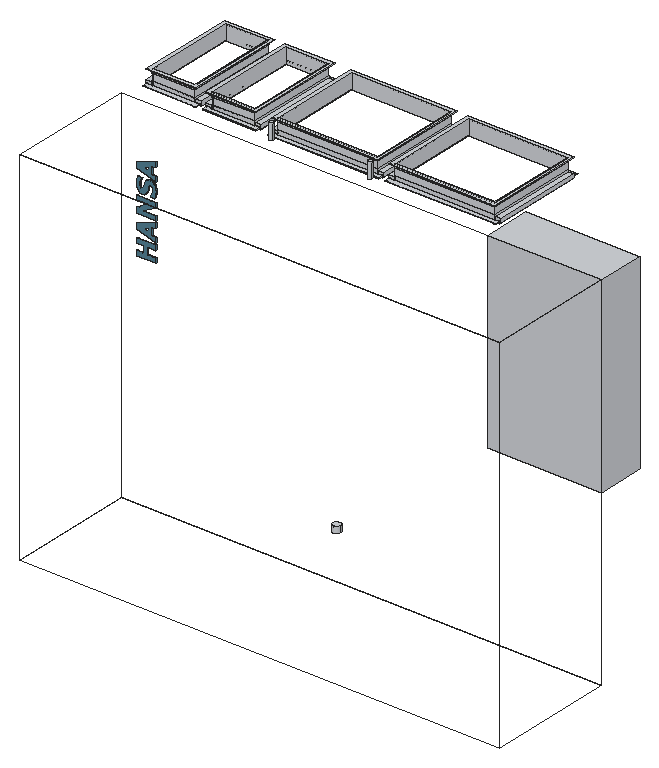
Revit family "KL-P-015-G-L", category HLS-Bauteile, Revit 2020
Family settings
  Bemaßung runder Anschluss = Durchmesser verwenden
  Klassifizierung = Keine
  Teiletyp = Normal
  Arbeitsebenenbasiert = Nein
  Immer vertikal = Ja
  Beim Laden mit Abzugskörper schneiden = Nein
  Gemeinsam genutzt = Nein
  Raumberechnungspunkt = Nein
Parameters
  Zuluftbreite [instance] = 520 mm  # constant formula
  ZUAB_Breite_ungeteilt = 505 mm  # constant formula
  ZUAB_Breite_geteilt = 520 mm  # constant formula
  Vorgabe-Ansicht = 0 mm
  TyS [instance] = size_lookup("TyS_Hansa_KL_P", "", "ND", RLT_Serie, Gehaeuserichtung, Gehaeuseausfuehrung, RLT_MSR_KZ)  # "KL-P-015-G-L-eCS"
  Schaltschrankbreite [instance] = 600 mm
  Schaltschrank_montiert [instance] = yes
  SSaG [instance] = and(or(Regelung SAIA, Regelung OJ), Schaltschrank_montiert)  # yes
  Regelung SAIA [instance] = yes
  Regelung OJ [instance] = no
  RLT_Volumenstrom_max = 1500 m³/h  # constant formula
  RLT_Volumenstrom_Unit_2 [instance] = 1500 m³/h
  RLT_Volumenstrom_Unit_1 [instance] = 1500 m³/h
  RLT_Typenschlüssel [instance] = TyS  # "KL-P-015-G-L-eCS"
  RLT_Serie = "KL-P-015"  # constant formula
  RLT_Material_außen [instance] = Stahlblech verzinkt + RAL 9002
  RLT_MSR_KZ [instance] = if(Regelung SAIA, "eCS", if(Regelung OJ, "eCO", "-"))  # "eCS"
  RLT_Länge [instance] = L  # 1920 mm
  RLT_Höhe = H  # 1790 mm
  RLT_Gewicht [instance] = size_lookup("TD_Hansa_KL_P", "Gewicht", 0 mm, TyS) / 1 mm * 1.00 kg  # 579.00 kg
  RLT_Breite = B  # 670 mm
  Modell = "KL-P-015-G-L"  # constant formula
  L2 = 1260 mm  # constant formula
  L1 = 660 mm  # constant formula
  L = L1 + L2  # 1920 mm
  Kanaltiefe [instance] = RLT_Breite - 190 mm  # 480 mm
  Hersteller = "Hansa"  # constant formula
  H = 1790 mm  # constant formula
  GeräteOK [instance] = H + Fuß  # 1910 mm
  Gehaeuserichtung [instance] = "L"  # constant formula
  Gehaeuseausfuehrung [instance] = "geteilt"  # constant formula
  GD_Spannung [instance] = 230 V
  GD_Phasen [instance] = 1
  GD_Nennstrom [instance] = 0 A
  GD_Anschlussleistung [instance] = 0 W
  Fuß [instance] = 120 mm  # constant formula
  Fortluftbreite = 220 mm  # constant formula
  Bedienzone [instance] = yes
  Baugruppe [instance] = "RLT-Gerät"  # constant formula
  BZl [instance] = if(and(or(Regelung SAIA, Regelung OJ), Schaltschrank_montiert), L + Schaltschrankbreite, L)  # 2520 mm
  B = 670 mm  # constant formula
  Außenluftbreite = 220 mm  # constant formula
  Abluftbreite [instance] = 520 mm  # constant formula
Reference planes
  plane 1 "Mitte (Vorne/hinten)": y = 0
  plane 2: z = 0
  plane 3 "Mitte (Links/rechts)": x = 0
  plane 4: x = -960
  plane 5: x = 960
  plane 6 "GV": y = -335
  plane 7 "GH": y = 335
  plane 8 "OKG": z = 1910
  plane 9: y = 272.5
  plane 10: y = -312.5
  plane 11: x = -897.5
  plane 12: x = 897.5
  plane 13: x = -677.5
  plane 14: x = -582.5
  plane 15: x = -362.5
  plane 16: x = 377.5
  plane 17: x = 282.5
  plane 18: x = -237.5
  plane 19: z = 1990
  plane 20 "UKG": z = 120
  plane 21: y = -85
  plane 22: y = -125
  plane 23: z = 90
  plane 24: y = -259
  plane 25: x = -300
  plane 26: y = -1005
  plane 27: x = 1560
Forms (mm)
  Extrusion 1, solid, visible <- "SSaG"
    sketch origin (-61.559, 0, -70) x (1, 0, 0) y (0, 0, 1)
      loop
        line (1021.559, 1980) -> (1021.559, 980) -> (1621.559, 980) -> (1621.559, 1980) -> (1021.559, 1980)
    from 335 to 85
  Extrusion 2, solid
    sketch origin (0, 0, 0) x (1, 0, 0) y (0, 1, 0)
      loop
        circle (0, -125) r 20
    from 120 to 90
  Extrusion 3, solid
    sketch origin (0, 0, 0) x (1, 0, 0) y (0, 1, 0)
      loop
        circle (-237.5, -259) r 10
      loop
        circle (282.5, -259) r 10
    from 1990 to 1910
  Extrusion 4, solid, material "Glas - klar", visible <- "Bedienzone"
    sketch origin (0, 0, 0) x (1, 0, 0) y (0, 1, 0)
      loop
        line (-960, -335) -> (-960, -1005) -> (1560, -1005) -> (1560, -335) -> (-960, -335)
    from 1910 to 0
Dimensions and locks
  equal spacing: plane 4, plane 3 "Mitte (Links/rechts)", plane 5
  "L": plane 4 to plane 5
  "B": plane 7 "GH" to plane 6 "GV"
  locked: plane 7 "GH" to plane 9 at 62.5
  locked: plane 4 to plane 11 at 62.5
  locked: plane 12 to plane 5 at 62.5
  "Fortluftbreite": plane 11 to plane 13
  locked: plane 13 to plane 14 at 95
  "Außenluftbreite": plane 14 to plane 15
  "Abluftbreite": plane 16 to plane 12
  locked: plane 17 to plane 16 at 95
  "Zuluftbreite": plane 18 to plane 17
  plane 15 to plane 18 = 125 mm
  locked: nested 3 to plane 16 at 95
  "Fuß": plane 20 "UKG" to level
  plane 19 to plane 8 "OKG" = 80 mm
  locked: plane 4 to nested 1 at 62.5
  locked: plane 13 to nested 2 at 95
  locked: nested 4 to plane 5 at 62.5
  Extrusion 1 to plane 5 = 600 mm
  "RLT_Höhe": plane 8 "OKG" to plane 20 "UKG"
  equal spacing: plane 7 "GH", plane 1 "Mitte (Vorne/hinten)", plane 6 "GV"
  locked: plane 6 "GV" to plane 21 at 250
  locked: plane 6 "GV" to plane 22 at 210
  plane 20 "UKG" to plane 23 = 30 mm
  locked: plane 24 to plane 6 "GV" at 76
  "L1": plane 4 to plane 25
  "B": plane 26 to plane 6 "GV"
  "BZl": Extrusion 4 to Extrusion 4
  "Schaltschrankbreite": plane 5 to plane 27
  aligned and locked: level to plane 2
  aligned and locked: Extrusion 1 to plane 5
  aligned and locked: Extrusion 1 to plane 8 "OKG"
  aligned and locked: plane 6 "GV" to Extrusion 1
  aligned and locked: plane 21 to Extrusion 1
  aligned and locked: plane 20 "UKG" to Extrusion 2
  aligned and locked: Extrusion 2 to plane 23
  aligned and locked: Extrusion 3 to plane 8 "OKG"
  aligned and locked: plane 19 to Extrusion 3
  aligned and locked: plane 4 to Extrusion 4
  aligned and locked: Extrusion 4 to plane 6 "GV"
  aligned and locked: Extrusion 4 to plane 26
  aligned and locked: plane 8 "OKG" to Extrusion 4
  aligned and locked: plane 27 to Extrusion 1
  aligned and locked: plane 7 "GH" to nested 6
  aligned and locked: plane 4 to nested 6
Automatic sketch dimensions
  Extrusion 1 sketch curve to plane 5 = 0 mm
  Extrusion 1 sketch curve to plane 8 "OKG" = 0 mm
  plane 5 to Extrusion 1 sketch curve = 600 mm
  plane 20 "UKG" to Extrusion 1 sketch curve = 790 mm
  Extrusion 2 sketch curve to plane 3 "Mitte (Links/rechts)" = 0 mm
  Extrusion 2 sketch curve to plane 22 = 0 mm
  Extrusion 3 sketch curve to plane 18 = 0 mm
  Extrusion 3 sketch curve to plane 17 = 0 mm
  Extrusion 3 sketch curve to plane 24 = 0 mm  (x2)
  Extrusion 4 sketch curve to plane 4 = 0 mm
  plane 5 to Extrusion 4 sketch curve = 600 mm
  Extrusion 4 sketch curve to plane 26 = 0 mm
  plane 6 "GV" to Extrusion 4 sketch curve = 0 mm
  radius of Extrusion 2 sketch curve = 20 mm
  radius of Extrusion 3 sketch curve = 10 mm  (x2)
Nested families
  nested 1: "Kanalstutzen" at (-787.5, 29.209, 1910) x (1, 0, 0) z (0, -1, 0), 2570_EST_Breite <- "Fortluftbreite", 2571_EST_Höhe <- "Kanaltiefe", built-in parameter 1001360 <- "GeräteOK", type "Kanalstutzen"
    with Tiefe 80 mm, RahmenG2 20 mm, RahmenG1 30 mm, Höhe 480 mm, Breite 220 mm, 2572_EST_Tiefe 80 mm, 2571_EST_Höhe 480 mm, 2570_EST_Breite 220 mm, 1966_EST_Rahmentyp ""
  nested 2: "Kanalstutzen" at (-472.5, 29.209, 1910) x (1, 0, 0) z (0, -1, 0), 2570_EST_Breite <- "Außenluftbreite", 2571_EST_Höhe <- "Kanaltiefe", built-in parameter 1001360 <- "GeräteOK", type "Kanalstutzen"
    with Tiefe 80 mm, RahmenG2 20 mm, RahmenG1 30 mm, Höhe 480 mm, Breite 220 mm, 2572_EST_Tiefe 80 mm, 2571_EST_Höhe 480 mm, 2570_EST_Breite 220 mm, 1966_EST_Rahmentyp ""
  nested 3: "Kanalstutzen" at (22.5, 29.209, 1910) x (1, 0, 0) z (0, -1, 0), 2570_EST_Breite <- "Zuluftbreite", 2571_EST_Höhe <- "Kanaltiefe", built-in parameter 1001360 <- "GeräteOK", type "Kanalstutzen"
    with Tiefe 80 mm, RahmenG2 20 mm, RahmenG1 30 mm, Höhe 480 mm, Breite 520 mm, 2572_EST_Tiefe 80 mm, 2571_EST_Höhe 480 mm, 2570_EST_Breite 520 mm, 1966_EST_Rahmentyp ""
  nested 4: "Kanalstutzen" at (637.5, 29.209, 1910) x (1, 0, 0) z (0, -1, 0), 2570_EST_Breite <- "Abluftbreite", 2571_EST_Höhe <- "Kanaltiefe", built-in parameter 1001360 <- "GeräteOK", type "Kanalstutzen"
    with Tiefe 80 mm, RahmenG2 20 mm, RahmenG1 30 mm, Höhe 480 mm, Breite 520 mm, 2572_EST_Tiefe 80 mm, 2571_EST_Höhe 480 mm, 2570_EST_Breite 520 mm, 1966_EST_Rahmentyp ""
  nested 5: "Hansa_Aufkleber_klein" at (-780, -335, 1390) x (0, 0, 1) z (0, -1, 0), type "Hansa_Aufkleber_klein"
  nested 6: "P-015-G-L_ipt" at (0, 0, 0), type "Norm"
Connectors
  hvac at (-787.5, 29.209, 1989), driven by "RLT_Volumenstrom_Unit_2", driven by "Fortluftbreite", driven by "Kanaltiefe"
    settings: on nested 1, index 1, duct flow 1500 m³/h, flow factor 0, pres drop 0.0 Pa, loss coef 0, conn angle 0.00°, conn width 220 mm, conn height 480 mm, conn diameter 609.6 mm, duct sys type 3, conn prof type 1, flow config 1, flow direction 2, loss method 0, conn ref index -1, conn util no, is conn primary yes, conn desc ""
  hvac at (-472.5, 29.209, 1989), driven by "RLT_Volumenstrom_Unit_1", driven by "Außenluftbreite", driven by "Kanaltiefe"
    settings: on nested 2, index 2, duct flow 1500 m³/h, flow factor 0, pres drop 0.0 Pa, loss coef 0, conn angle 0.00°, conn width 220 mm, conn height 480 mm, conn diameter 609.6 mm, duct sys type 1, conn prof type 1, flow config 1, flow direction 1, loss method 0, conn ref index -1, conn util no, is conn primary no, conn desc ""
  hvac at (22.5, 29.209, 1989), driven by "RLT_Volumenstrom_Unit_1", driven by "Zuluftbreite", driven by "Kanaltiefe"
    settings: on nested 3, index 3, duct flow 1500 m³/h, flow factor 0, pres drop 0.0 Pa, loss coef 0, conn angle 0.00°, conn width 520 mm, conn height 480 mm, conn diameter 609.6 mm, duct sys type 1, conn prof type 1, flow config 0, flow direction 2, loss method 0, conn ref index -1, conn util no, is conn primary no, conn desc ""
  hvac at (637.5, 29.209, 1989), driven by "RLT_Volumenstrom_Unit_2", driven by "Abluftbreite", driven by "Kanaltiefe"
    settings: on nested 4, index 4, duct flow 1500 m³/h, flow factor 0, pres drop 0.0 Pa, loss coef 0, conn angle 0.00°, conn width 520 mm, conn height 480 mm, conn diameter 609.6 mm, duct sys type 2, conn prof type 1, flow config 0, flow direction 1, loss method 0, conn ref index -1, conn util no, is conn primary no, conn desc ""
  piping at (0, -125, 90), diameter 40
    settings: on Extrusion 2, index 5, connector inside diameter 609.6 mm, connector length 0 mm, flow factor 0, pipe flow 0.0 L/s, pressure drop 0.0 Pa, fitting loss kfactor 0, connector angle 0.00°, fixture units 0, engagement length 0 mm, angle of deflection 0.00°, flow configuration 0, flow direction 2, fitting loss method 0, system type 16, joint type 0, gender type 0, connector reference index -1, connector utility 0, adjustable connector no, is connector primary yes, connector description ""
  piping at (-237.5, -259, 1990), diameter 20
    settings: on Extrusion 3, index 6, connector inside diameter 609.6 mm, connector length 0 mm, flow factor 0, pipe flow 0.0 L/s, pressure drop 0.0 Pa, fitting loss kfactor 0, connector angle 0.00°, fixture units 0, engagement length 0 mm, angle of deflection 0.00°, flow configuration 0, flow direction 1, fitting loss method 0, system type 7, joint type 0, gender type 0, connector reference index -1, connector utility 0, adjustable connector no, is connector primary no, connector description ""
  piping at (282.5, -259, 1990), diameter 20
    settings: on Extrusion 3, index 7, connector inside diameter 609.6 mm, connector length 0 mm, flow factor 0, pipe flow 0.0 L/s, pressure drop 0.0 Pa, fitting loss kfactor 0, connector angle 0.00°, fixture units 0, engagement length 0 mm, angle of deflection 0.00°, flow configuration 0, flow direction 2, fitting loss method 0, system type 19, joint type 0, gender type 0, connector reference index -1, connector utility 0, adjustable connector no, is connector primary no, connector description ""
Definition of nested family "Kanalstutzen"
  Parameters (values of type "Kanalstutzen")
    Default Elevation = 0 mm
    Tiefe [instance] = [2572_EST_Tiefe]  # 80 mm
    RahmenG2 [instance] = 20 mm
    RahmenG1 [instance] = 30 mm
    Höhe [instance] = [2571_EST_Höhe]  # 500 mm
    Manufacturer = "Hansa"
    Breite [instance] = [2570_EST_Breite]  # 1000 mm
    Description = "Durchbruchsverkleidung"
    2572_EST_Tiefe [instance] = 80 mm
    2571_EST_Höhe [instance] = 500 mm
    2570_EST_Breite [instance] = 1000 mm
    1966_EST_Rahmentyp [instance] = ""
  Reference planes
    plane 1 "Mitte (Vorne/hinten)": y = 0
    plane 2: z = 0
    plane 3 "Mitte (Links/rechts)": x = 0
    plane 4: x = -500
    plane 5: x = 500
    plane 6 "hinten": y = 80
    plane 7: z = 250
    plane 8: z = -250
    plane 9 "R1links": x = -530
    plane 10 "R1rechts": x = 530
    plane 11 "R2links": x = -520
    plane 12 "R2rechts": x = 520
    plane 13 "R1oben": z = 280
    plane 14 "R1unten": z = -280
    plane 15: z = -270
    plane 16: z = 270
  Forms (mm)
    Sweep 1, solid
      path origin (0, 0, 0) x (1, 0, 0) y (0, 0, 1)
        loop
          line (-500, 250) -> (-500, -250) -> (500, -250) -> (500, 250) -> (-500, 250)
      profile origin (0, 0, 250) x (0, 0, 1) y (0, -1, 0)
        loop
          line (0, -40) -> (0, -80) -> (20, -80) -> (20, -79) -> (1.999, -79) -> (1.999, -59) -> (0.962, -59) -> (0.962, -21.406) -> (1.999, -21.406) -> (1.999, -1.406) -> (30, -1.406) -> (30, 0) -> (0, 0) -> (0, -40)
  Dimensions and locks
    equal spacing: plane 4, plane 3 "Mitte (Links/rechts)", plane 5
    "Breite": plane 4 to plane 5
    equal spacing: plane 7, level, plane 8
    "Höhe": plane 7 to plane 8
    "RahmenG1": plane 9 "R1links" to plane 4
    "RahmenG1": plane 5 to plane 10 "R1rechts"
    "RahmenG2": plane 11 "R2links" to plane 4
    "RahmenG2": plane 5 to plane 12 "R2rechts"
    "RahmenG1": plane 13 "R1oben" to plane 7
    "RahmenG1": plane 8 to plane 14 "R1unten"
    "RahmenG2": plane 16 to plane 7
    "RahmenG2": plane 8 to plane 15
    Sweep 1 sketch curve to Sweep 1 sketch curve = 1.406 mm
    Sweep 1 sketch curve to Sweep 1 sketch curve = 1 mm
    Sweep 1 sketch curve to Sweep 1 sketch curve = 0.962 mm
    "2572_EST_Tiefe": plane 6 "hinten" to plane 1 "Mitte (Vorne/hinten)"
    aligned and locked: level to plane 2
    aligned and locked: plane 16 to Sweep 1 sketch curve
    aligned and locked: plane 13 "R1oben" to Sweep 1 sketch curve
    aligned and locked: plane 1 "Mitte (Vorne/hinten)" to Sweep 1
    aligned and locked: plane 1 "Mitte (Vorne/hinten)" to nested 1
    aligned and locked: nested 1 to plane 10 "R1rechts"
    aligned and locked: nested 2 to plane 9 "R1links"
    aligned and locked: plane 8 to nested 2
    aligned and locked: nested 1 to plane 8
  Automatic sketch dimensions
    plane 4 to Sweep 1 sketch curve = 0 mm
    plane 5 to Sweep 1 sketch curve = 0 mm
    Sweep 1 sketch curve to plane 8 = 0 mm
    Sweep 1 sketch curve to plane 7 = 0 mm
    Sweep 1 sketch curve to plane 1 "Mitte (Vorne/hinten)" = 0 mm
    profile plane to Sweep 1 sketch curve = 0 mm
    Sweep 1 sketch curve to profile plane = 1.999 mm  (x2)
    Sweep 1 sketch curve to Sweep 1 sketch curve = 20 mm  (x2)
    Sweep 1 sketch curve to Sweep 1 sketch curve = 18.594 mm
    Sweep 1 sketch curve to Sweep 1 sketch curve = 19 mm
  Nested families
    nested 1: "EGJK30" at (520, 0, -250), L <- "Höhe", type "EGJK30"
      with L 500 mm
    nested 2: "EGJK30" at (-520, 0, -250) x (-1, 0, 0) z (0, 0, 1), L <- "Höhe", type "EGJK30"
      with L 500 mm
  Definition of nested family "EGJK30"
    Parameters (values of type "EGJK30")
      Default Elevation = 0 mm
      L [instance] = 1000 mm
    Reference planes
      plane 1 "Mitte (Vorne/hinten)": y = 0
      plane 2: z = 0
      plane 3 "Mitte (Links/rechts)": x = 0
    Forms (mm)
      Extrusion 1, solid
        sketch origin (16.67, -35.46, 0) x (1, 0, 0) y (0, 1, 0)
          loop
            line (-26.67, 25.46) -> (-6.67, 25.46) -> (-6.67, 30.46) -> (-1.67, 30.46) -> (-1.67, 50.46) -> (-34.67, 50.46) -> (-34.67, 38.46) -> (-5.67, 38.46) -> (-5.67, 35.46) -> (-25.67, 35.46) -> (-25.67, 36.96) -> (-34.67, 36.96) -> (-34.67, 33.96) -> (-26.67, 25.46)
        from 0 to 1000
    Dimensions and locks
      "L": Extrusion 1 to Extrusion 1
      aligned and locked: level to plane 2
    Automatic sketch dimensions
      plane 1 "Mitte (Vorne/hinten)" to Extrusion 1 sketch curve = 0 mm
      Extrusion 1 sketch curve to plane 3 "Mitte (Links/rechts)" = 18 mm
      plane 1 "Mitte (Vorne/hinten)" to Extrusion 1 sketch curve = 1.5 mm
      Extrusion 1 sketch curve to Extrusion 1 sketch curve = 0 mm
      Extrusion 1 sketch curve to plane 3 "Mitte (Links/rechts)" = 10 mm
      Extrusion 1 sketch curve to plane 3 "Mitte (Links/rechts)" = 9 mm
      plane 1 "Mitte (Vorne/hinten)" to Extrusion 1 sketch curve = 5 mm
      plane 3 "Mitte (Links/rechts)" to Extrusion 1 sketch curve = 10 mm
      Extrusion 1 sketch curve to Extrusion 1 sketch curve = 1 mm
      Extrusion 1 sketch curve to Extrusion 1 sketch curve = 5 mm
      plane 1 "Mitte (Vorne/hinten)" to Extrusion 1 sketch curve = 10 mm
      Extrusion 1 sketch curve to plane 1 "Mitte (Vorne/hinten)" = 1.5 mm
      Extrusion 1 sketch curve to Extrusion 1 sketch curve = 1.5 mm
      Extrusion 1 sketch curve to Extrusion 1 sketch curve = 12 mm
Definition of nested family "Hansa_Aufkleber_klein"
  Parameters (values of type "Hansa_Aufkleber_klein")
    Default Elevation = 1219.2 mm
  Reference planes
    plane 1 "Mitte (Vorne/hinten)": y = 0
    plane 2: z = 0
    plane 3 "Mitte (Links/rechts)": x = 0
  Forms (mm)
    Extrusion 1, solid, detail levels medium+fine
      sketch origin (6.994, -10.767, 0) x (1, 0, 0) y (0, 1, 0)
        loop
          line (-226.694, 10.767) -> (-201.573, 10.767) -> (-201.573, 55.095) -> (-167.456, 55.095) -> (-167.456, 10.767) -> (-142.335, 10.767) -> (-142.335, 110.767) -> (-167.456, 110.767) -> (-167.456, 74.138) -> (-201.573, 74.138) -> (-201.573, 110.767) -> (-226.694, 110.767) -> (-226.694, 10.767)
        loop
          line (202.074, 82.404) -> (191.782, 49.341) -> (212.284, 49.341) -> (202.074, 82.404)
        loop
          line (188.703, 110.767) -> (154.91, 10.767) -> (180.032, 10.767) -> (186.353, 31.189) -> (217.795, 31.189) -> (224.035, 10.767) -> (249.886, 10.767) -> (216.093, 110.767) -> (188.703, 110.767)
        loop
          line (34.084, 10.767) -> (58.233, 10.767) -> (58.233, 110.767) -> (35.299, 110.767) -> (35.299, 53.474) -> (3.37, 110.767) -> (-27.424, 110.767) -> (-27.424, 10.767) -> (-4.49, 10.767) -> (-4.49, 80.459) -> (34.084, 10.767)
        loop
          line (-85.203, 82.404) -> (-95.495, 49.341) -> (-74.993, 49.341) -> (-85.203, 82.404)
        loop
          line (-98.575, 110.767) -> (-132.367, 10.767) -> (-107.245, 10.767) -> (-100.925, 31.189) -> (-69.482, 31.189) -> (-63.242, 10.767) -> (-37.391, 10.767) -> (-71.184, 110.767) -> (-98.575, 110.767)
        loop
          line (73.143, 16.683) -> (80.903, 13.695) -> (89.27, 11.213) -> (93.783, 10.238) -> (98.65, 9.542) -> (103.872, 9.124) -> (109.448, 8.984) -> (114.303, 9.126) -> (118.902, 9.552) -> (123.243, 10.261) -> (127.327, 11.253) -> (131.154, 12.53) -> (134.724, 14.09) -> (138.037, 15.933) -> (141.093, 18.061) -> (143.838, 20.421) -> (146.216, 22.963) -> (148.229, 25.688) -> (149.876, 28.595) -> (151.156, 31.685) -> (152.071, 34.957) -> (152.62, 38.411) -> (152.803, 42.048) -> (152.724, 44.578) -> (152.487, 46.981) -> (152.091, 49.257) -> (151.537, 51.407) -> (150.825, 53.431) -> (149.954, 55.328) -> (148.925, 57.098) -> (147.738, 58.741) -> (144.874, 61.745) -> (141.346, 64.434) -> (137.155, 66.81) -> (132.301, 68.871) -> (127.124, 70.542) -> (122.293, 71.829) -> (112.609, 74.057) -> (109.035, 74.977) -> (106.095, 75.952) -> (103.788, 76.982) -> (102.114, 78.069) -> (100.927, 79.287) -> (100.078, 80.713) -> (99.569, 82.346) -> (99.4, 84.187) -> (99.506, 85.453) -> (99.825, 86.659) -> (100.357, 87.803) -> (101.101, 88.887) -> (102.965, 90.731) -> (105.153, 92.048) -> (107.99, 93.142) -> (110.664, 93.83) -> (113.439, 94.195) -> (116.579, 94.317) -> (120.768, 94.112) -> (124.906, 93.496) -> (128.993, 92.471) -> (133.03, 91.035) -> (136.889, 89.3) -> (140.445, 87.378) -> (143.697, 85.268) -> (146.644, 82.971) -> (148.832, 82.971) -> (148.832, 105.824) -> (145.231, 107.285) -> (141.397, 108.589) -> (137.33, 109.737) -> (133.03, 110.727) -> (128.608, 111.524) -> (124.177, 112.094) -> (119.735, 112.436) -> (115.283, 112.55) -> (110.919, 112.414) -> (106.741, 112.006) -> (102.749, 111.325) -> (98.944, 110.372) -> (95.324, 109.147) -> (91.891, 107.65) -> (88.644, 105.88) -> (85.583, 103.839) -> (82.8, 101.578) -> (80.389, 99.151) -> (78.348, 96.559) -> (76.679, 93.8) -> (75.38, 90.876) -> (74.453, 87.786) -> (73.896, 84.53) -> (73.711, 81.108) -> (74.025, 76.136) -> (74.967, 71.596) -> (76.537, 67.486) -> (78.735, 63.806) -> (80.094, 62.119) -> (81.657, 60.522) -> (83.426, 59.014) -> (85.4, 57.597) -> (87.58, 56.269) -> (89.964, 55.031) -> (92.553, 53.884) -> (95.348, 52.826) -> (100.625, 51.195) -> (106.247, 49.868) -> (111.869, 48.642) -> (117.147, 47.315) -> (119.104, 46.707) -> (120.925, 45.937) -> (122.609, 45.006) -> (124.156, 43.912) -> (125.451, 42.645) -> (126.375, 41.197) -> (126.929, 39.566) -> (127.114, 37.753) -> (127, 36.17) -> (126.658, 34.744) -> (126.089, 33.475) -> (125.291, 32.364) -> (123.275, 30.53) -> (120.874, 29.163) -> (118.413, 28.312) -> (115.242, 27.704) -> (112.052, 27.339) -> (109.529, 27.218) -> (105.242, 27.433) -> (100.889, 28.079) -> (96.47, 29.155) -> (91.985, 30.662) -> (87.561, 32.569) -> (83.324, 34.845) -> (79.274, 37.492) -> (75.413, 40.508) -> (73.143, 40.508) -> (73.143, 16.683)
      from 0 to 2
  Dimensions and locks
    aligned and locked: level to plane 2
Definition of nested family "P-015-G-L_ipt"
  Parameters (values of type "Norm")
    Default Elevation = 0 mm
  Reference planes
    plane 1 "Mitte (Vorne/Hinten)": y = 0
    plane 2: z = 0
    plane 3 "Mitte (Links/Rechts)": x = 0
  Dimensions and locks
    aligned and locked: level to plane 2
